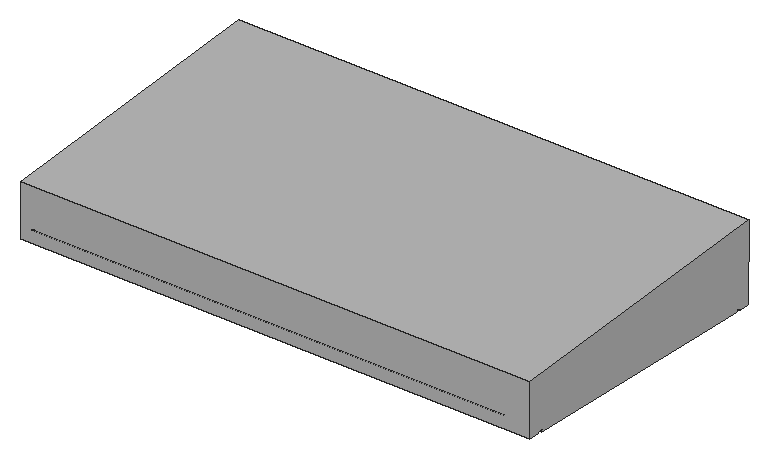
Revit family "WC197 Feather Edge", category Generic Models, Revit 2020
Family settings
  Can host rebar = No
  Round Connector Dimension = Use Diameter
  Part Type = Normal
  Work Plane-Based = No
  Always vertical = Yes
  Cut with Voids When Loaded = No
  Shared = No
  Room Calculation Point = No
Parameters
  Weight = "160Kg"
  Warranty Guarantor Parts = "n/a"
  Warranty Guarantor Labour = "n/a"
  Warranty Duration Unit = "n/a"
  Warranty Duration Parts = "n/a"
  Warranty Duration Labour = "n/a"
  Warranty Description = "n/a"
  Unit Width [instance] = 535 mm
  Unit Length [instance] = 1000 mm
  Unit Height [instance] = 150 mm
  URL = "www.killeshal.com"
  Types = "Single"
  Type Comments = "Visit our website for a full list of available products."
  Sustainability Performance = "n/a"
  Structural Class = "n/a"
  Span = "Unit Length"
  Slope = "0.00°"
  Size = "535mm x 150 to 100mm"
  Shape = "As per drawing"
  Service Life = "0.000000"
  Serial Number = "n/a"
  Resistance to Fire = "n/a"
  Replacement Cost = "n/a"
  Reference = "n/a"
  Notified Body = "n/a"
  Nominal Cover to Main Bar = "n/a"
  Model = "W/C 197 Wall Cap."
  Mechanical Resistance = "n/a"
  Manufacturer = "Killeshal Precast Concrete Ltd."
  Load Bearing = no
  Life Cycle Environmental Load = "n/a"
  Length Options = "Stock size 1000mm."
  Keynote = "The information contained is the sole property of KPC Ltd., any reproduction in part or whole without permission of KPC Ltd. is prohibited."
  Environmental Product Declaration = "n/a"
  Environmental Class = "n/a"
  Durability against Corrosion = "n/a"
  Dimension Accuracy Class = "n/a"
  Detailing = "As per design specification and product drawings."
  Description = "Feather Edge Wall Cap"
  Default Elevation = 0 mm
  Dangerous Substances = "n/a"
  Contact Tel = "0035357 9353018"
  Contact Email = "sales@killeshal.com"
  Construction Type = "Precast"
  Construction Tolerance Class = "n/a"
  Compressive Strength of Concrete = "n/a"
  Characteristics of Reinforcing Steel = "n/a"
  Characteristics Deflection Under Load = "n/a"
Reference planes
  plane 1 "Center (Front/Back)": y = 0
  plane 2: z = 0
  plane 3 "Center (Left/Right)": x = 0
  plane 4 "Rear": y = 267.5
  plane 5 "Front": y = -267.5
  plane 6 "Top": z = 150
  plane 7 "Center L/T": z = 100
Forms (mm)
  Extrusion 1, solid, material "Precast Concrete (KPC)"
    sketch origin (0, 0, 0) x (0, 1, 0) y (0, 0, 1)
      loop
        line (-267.5, 100) -> (-267.5, 0) -> (-248, 0)
        arc (-248, 0) -> (-243, 5) -> (-238, 0) r 5
        line (-238, 0) -> (238, 0)
        arc (238, 0) -> (243, 5) -> (248, 0) r 5
        line (248, 0) -> (267.5, 0) -> (267.5, 150) -> (-267.5, 100)
    from 0 to 1000
Dimensions and locks
  "Unit Length": Extrusion 1 to Extrusion 1
  "Unit Width": Extrusion 1 to Extrusion 1
  "Unit Height": plane 6 "Top" to Extrusion 1
  plane 7 "Center L/T" to level = 100 mm
  aligned and locked: level to plane 2
Automatic sketch dimensions
  Extrusion 1 sketch curve to plane 5 "Front" = 0 mm
  Extrusion 1 sketch curve to level = 0 mm
  Extrusion 1 sketch curve to plane 4 "Rear" = 0 mm
  Extrusion 1 sketch curve to plane 7 "Center L/T" = 0 mm
  Extrusion 1 sketch curve to plane 6 "Top" = 0 mm
  plane 5 "Front" to Extrusion 1 sketch curve = 19.5 mm
  Extrusion 1 sketch curve to Extrusion 1 sketch curve = 5 mm  (x2)
  Extrusion 1 sketch curve to Extrusion 1 sketch curve = 29.5 mm
